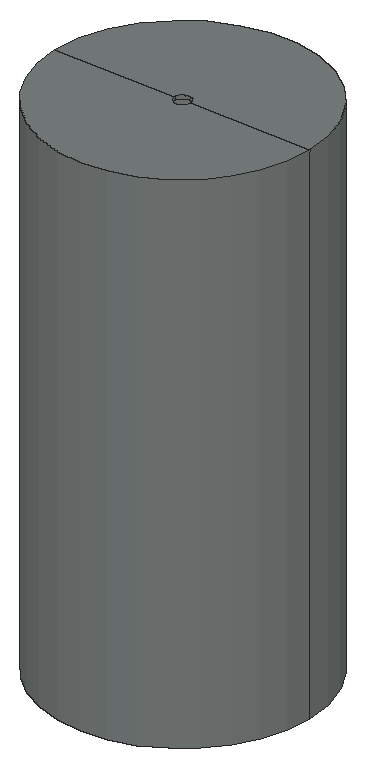
Revit family "CY816", category Lighting Fixtures, Revit 2024
Family settings
  Round Connector Dimension = Use Diameter
  Part Type = Normal
  OmniClass Number = 23.80.70.00
  OmniClass Title = Lighting
  Work Plane-Based = No
  Always vertical = Yes
  Cut with Voids When Loaded = No
  Light Source = No
  Maintain Annotation Orientation = No
  Shared = No
  Room Calculation Point = No
Parameters
  Default Elevation = 0' - 0"
Reference planes (in)
  plane 1 "Light Source Axis (F/B)": y = 0
  plane 2: z = 0
  plane 3 "Light Source Axis (L/R)": x = 0
  plane 4 "Light Source Elevation": z = 54
Forms (in)
  Sweep 1, solid, material "FC", not visible
    path origin (75.968, 0, 0.00093) x (1, 0, 0) y (0, 0, 1)
      loop
        arc (-4.5864, 68.3252) -> (-8.91952, 61.72019) -> (-10.59309, 54) r 21.63816
    profile origin (67.04848, 0, 61.72112) x (0.922209, 0, -0.386691) y (0, -1, 0)
      loop
        circle (0, 0) r 0.03125
  Extrusion 2, solid, material "61", not visible
    sketch origin (21.22004, 0.07031, 3.70715) x (1, 0, 0) y (0, 1, 0)
      loop
        arc (0.70087, 4.42509) -> (0.0002, 4.48026) -> (-0.70003, 4.41981) r 4.27232
        line (-0.70003, 4.41981) -> (-0.65367, 4.12712)
        arc (-0.65367, 4.12712) -> (0, 4.17857) -> (0.65367, 4.12712) r 4.17857
        line (0.65367, 4.12712) -> (0.70087, 4.42509)
    from 66 to 73.80732
  Revolve 3, solid, material "74"
    sketch origin (0, 0, 0) x (1, 0, 0) y (0, 0, 1)
      loop
        line (4, 54) -> (4, 70) -> (0.25, 70) -> (0.25, 69.90625) -> (3.90625, 69.90625) -> (3.90625, 54) -> (4, 54)
      axis (0, 70) -> (0, 54)
    angle from 0 to 360
Dimensions and locks (in)
  aligned and locked: level to plane 2
